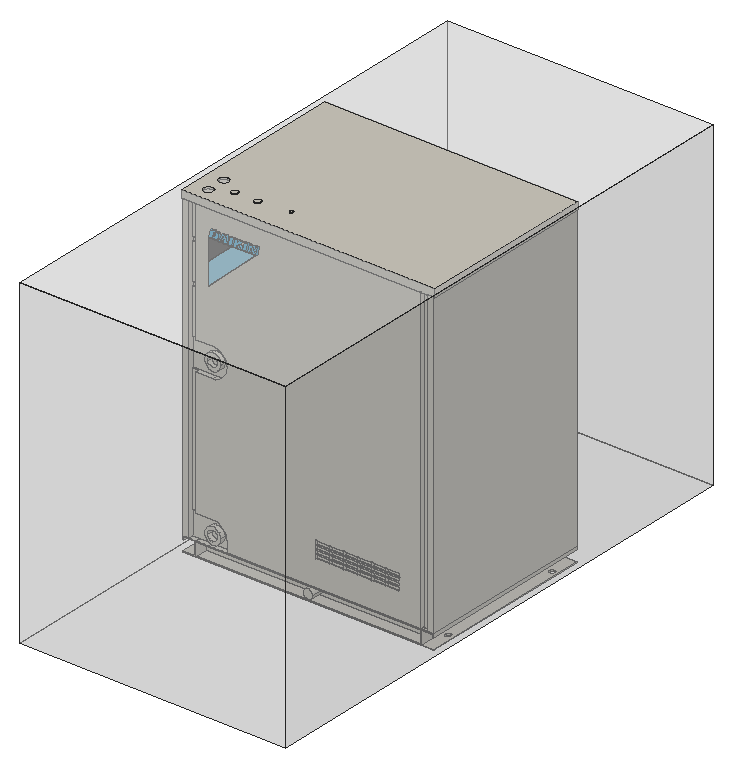
Revit family "outputfile", category 機械設備, Revit 2024
Family settings
  丸型コネクタ寸法 = 半径を使用
  種別 = なし
  パーツ タイプ = 標準
  OmniClass 番号 = 23.75.10.24.21.27.27
  OmniClass タイトル = Split System Air Conditioning Units
  作業面ベース = いいえ
  常に垂直 = はい
  ロード時にボイドで切り取り = いいえ
  注釈の向きを維持 = いいえ
  共有 = いいえ
  部屋計算ポイント = いいえ
Parameters (values of type "RWEYQ6TY1S")
  製造元 = "Daikin"
  書き出し IFC クラス(タイプ) = "IfcUnitaryEquipmentType"
  定義済み IFC タイプ(タイプ) = "AIRCONDITIONINGUNIT"
  モデル = "RWEYQ6TY1S"
  switch_unit1_6-8 = yes
  switch_unit1_12 = no
  switch_unit1_10 = no
  r_Water Outlet Pipe Connection_unit = Water Outlet Pipe Connection_Unit1 / 2  # 15.9 mm
  r_Water Inlet Pipe Connection_unit = Water Inlet Pipe Connection_Unit1 / 2  # 15.9 mm
  r_Drain Pipe Size = Drain Pipe Size / 2  # 6.35 mm
  lw_Water Outlet = 95.0 mm
  lw_Water Inlet = 95.0 mm
  lw_Drain = 390.0 mm
  angle_Drain [instance] = if(Rear Connection_Drain, 180.00°, 0.00°)  # 0.00°
  r_HP/LP Gas Pipe Size [instance] = [HP/LP Gas Pipe Size_Unit 1] / 2  # 9.55 mm
  lw_HP/LP Gas Pipe [instance] = if(Heat Pump, 178.0 mm, 107.0 mm)  # 178.0 mm
  ld_HP/LP Gas Pipe = 69.0 mm
  h_mountinghole = [h_***] + 2.3 mm  # 2.3 mm
  r_Liquid Pipe Size = Liquid Pipe Size_Unit 1 / 2  # 4.75 mm
  r_Gas Pipe Size = Gas Pipe Size_Unit 1 / 2  # 9.55 mm
  Water Outlet Pipe Connection_Unit1 = 31.8 mm
  Water Inlet Pipe Connection_Unit1 = 31.8 mm
  Voltage_comment_50Hz = "380-415"
  Voltage_50Hz = 400 V
  Top Connection_powersupply2 [instance] = not(Top Connection_powersupply1)  # no
  Sound Power Level (dB) = 64
  Rear Connection_Drain [instance] = not(Front Connection_Drain)  # no
  Power Input (Heating) = 2.690 kW
  Phase_50Hz = 3
  Nominal Heating Capacity = 18.000 kW
  Minimum Circuit Amps_50Hz = 13.6 A
  Maximum Fuse Amps_50Hz = 15.0 A
  Material_Heat Exchanger = DAIKIN_Blue_HE_outdoorunit
  Material_Casing = DAIKIN_IvoryWhite_Casing_outdoorunit
  lw_powersupply = 51.0 mm
  lw_liquidpipe = 274.0 mm
  lw_gaspipe [instance] = if(Heat Pump, 107.0 mm, 178.0 mm)  # 107.0 mm
  lh_powersupply = 940.0 mm
  ld_powersupply [instance] = if(Top Connection_powersupply1, 38.0 mm, 98.0 mm)  # 38.0 mm
  ld_liquidpipe = 79.0 mm
  ld_gaspipe = 69.0 mm
  h_*** = 0.0 mm
  Width = 780.0 mm
  Version = "ver.1.0"
  Unit Type = ""
  Unit Mass Weight = 146.00 kg
  Unit Designation [instance] = ""
  Uniclass2015Version = "Products v1.30"
  Uniclass2015Title = "Variable refrigerant flow units"
  Uniclass2015Code = "Pr_70_65_03_94"
  Total Cooling Capacity [instance] = 0.000 kW
  Sound Pressure Level (dBA) = 49
  Series = "VRV Heat Recovery"
  Refrigerant_Base Charge = 3.500 kg
  Refrigerant_Additional Charge [instance] = 0.000 kg
  Refrigerant Type = "R410A"
  Power Input (Cooling) = 2.580 kW
  Option Accessory 3 [instance] = ""
  Option Accessory 2 [instance] = ""
  Option Accessory 1 [instance] = ""
  Nominal Cooling Capacity = 16.000 kW
  Load Classification = HVAC
  Liquid Pipe Size_Unit 1 = 9.5 mm
  Link_Nested Family [instance] = ""
  IfcVersion = ""
  IfcExportType = "AIRCONDITIONINGUNIT"
  IfcExportAs = "IfcUnitaryEquipmentType"
  Height = 1000.0 mm
  Heat Recovery [instance] = not(Heat Pump)  # no
  Heat Pump [instance] = yes
  Heat Exchanger Type = "Stainless Steel Plate"
  HP/LP Gas Pipe Size_Unit 1 [instance] = if(and(Heat Pump, [switch_unit1_6-8]), 19.1 mm, if(and(Heat Pump, switch_unit1_10), 22.2 mm, if(and(Heat Pump, switch_unit1_12), 22.2 mm, if(and(Heat Recovery, [switch_unit1_6-8]), 15.9 mm, if(and(Heat Recovery, switch_unit1_10), 19.1 mm, if(and(Heat Recovery, switch_unit1_12), 19.1 mm, 19.1 mm))))))  # 19.1 mm
  Gas Pipe Size_Unit 1 = 19.1 mm
  Top Connection_powersupply1 [instance] = yes
  Front Connection_Drain [instance] = yes
  Frequency_50Hz = 50 Hz
  Drain Pipe Size = 12.7 mm
  Depth = 550.0 mm
  既定の高さ = 0.0 mm
  Cooling Ambient Wet Bulb Temperature [instance] = 0.00 °C
  Cooling Ambient Dry Bulb Temperature [instance] = 0.00 °C
  Compressor Type = "Hermetically Sealed Scroll Type"
  Clearance visibility [instance] = yes
  Clearance Top = 0.0 mm
  Clearance Right = 20.0 mm
  Clearance Rear = 500.0 mm
  Clearance Left = 20.0 mm
  Clearance Front = 600.0 mm
  Clearance Bottom = 0.0 mm
  CU Tag No. [instance] = ""
Reference planes
  plane 1 "Center (Front/Back)": y = 0
  plane 2 "h_***": z = 0
  plane 3 "Center (Left/Right)": x = 0
  plane 4 "Back": y = 275
  plane 5 "Front": y = -275
  plane 6 "Left": x = -390
  plane 7 "Right": x = 390
  plane 8 "Top": z = 1000
  plane 9 "Clearance Rear": y = 775
  plane 10 "Clearance Front": y = -875
  plane 11 "Clearance Left": x = -410
  plane 12 "Clearance Right": x = 410
  plane 13 "Clearance Top": z = 1000
  plane 14 "Clearance Bottom": z = 0
  plane 15 "Bottom": z = 0
  plane 16 "lw_powersupply": x = -339
  plane 17 "ld_powersupply": y = -237
  plane 18 "lw_liquidpipe": x = -116
  plane 19 "Rear Connection_refrigetant": y = -196
  plane 20 "lw_gaspipe": x = -283
  plane 21 "ld_gaspipe": y = -206
  plane 22 "lh_logo": z = 900
  plane 23 "lw_logo": x = 100
  plane 24 "lh_powersupply": z = 940
  plane 25 "lw_HP/LP Gas Pipe": x = -212
  plane 26 "ld_HP/LP Gas Pipe": y = -206
  plane 27 "lw_Water Inlet": x = -295
  plane 28 "lw_Water Outlet": x = -295
  plane 29 "lw_Drain": x = 0
Dimensions and locks
  equal spacing: plane 4 "Back", plane 1 "Center (Front/Back)", plane 5 "Front"
  "Depth": plane 4 "Back" to plane 5 "Front"
  equal spacing: plane 6 "Left", plane 3 "Center (Left/Right)", plane 7 "Right"
  "Width": plane 6 "Left" to plane 7 "Right"
  "Clearance Rear": plane 9 "Clearance Rear" to plane 4 "Back"
  "Clearance Front": plane 10 "Clearance Front" to plane 5 "Front"
  "Clearance Left": plane 11 "Clearance Left" to plane 6 "Left"
  "Clearance Right": plane 7 "Right" to plane 12 "Clearance Right"
  "Clearance Top": plane 13 "Clearance Top" to plane 8 "Top"
  "h_***": plane 15 "Bottom" to plane 2 "h_***"
  "Height": plane 8 "Top" to plane 15 "Bottom"
  "Clearance Bottom": plane 15 "Bottom" to plane 14 "Clearance Bottom"
  "ld_powersupply": plane 17 "ld_powersupply" to plane 5 "Front"
  "ld_liquidpipe": plane 19 "Rear Connection_refrigetant" to plane 5 "Front"
  "ld_gaspipe": plane 21 "ld_gaspipe" to plane 5 "Front"
  locked: plane 23 "lw_logo" to plane 7 "Right" at 290
  locked: plane 22 "lh_logo" to plane 15 "Bottom" at 900
  "lw_gaspipe": plane 6 "Left" to plane 20 "lw_gaspipe"
  "lw_liquidpipe": plane 6 "Left" to plane 18 "lw_liquidpipe"
  "lw_powersupply": plane 6 "Left" to plane 16 "lw_powersupply"
  "lh_powersupply": plane 24 "lh_powersupply" to plane 15 "Bottom"
  "lw_HP/LP Gas Pipe": plane 6 "Left" to plane 25 "lw_HP/LP Gas Pipe"
  "ld_HP/LP Gas Pipe": plane 26 "ld_HP/LP Gas Pipe" to plane 5 "Front"
  "lw_Water Inlet": plane 6 "Left" to plane 27 "lw_Water Inlet"
  "lw_Water Outlet": plane 6 "Left" to plane 28 "lw_Water Outlet"
  "lw_Drain": plane 6 "Left" to plane 29 "lw_Drain"
  aligned and locked: level to plane 2 "h_***"
  aligned and locked: plane 9 "Clearance Rear" to nested 2
  aligned and locked: nested 2 to plane 10 "Clearance Front"
  aligned and locked: plane 11 "Clearance Left" to nested 2
  aligned and locked: plane 12 "Clearance Right" to nested 2
  aligned and locked: plane 13 "Clearance Top" to nested 2
  aligned and locked: plane 14 "Clearance Bottom" to nested 2
  aligned and locked: plane 8 "Top" to nested 1
  aligned and locked: plane 22 "lh_logo" to nested 7
  aligned and locked: nested 8 to plane 16 "lw_powersupply"
  aligned and locked: nested 9 to plane 20 "lw_gaspipe"
  aligned and locked: nested 10 to plane 18 "lw_liquidpipe"
  aligned and locked: nested 10 to plane 19 "Rear Connection_refrigetant"
  aligned and locked: nested 9 to plane 21 "ld_gaspipe"
  aligned and locked: nested 8 to plane 17 "ld_powersupply"
  aligned and locked: plane 5 "Front" to nested 7
  aligned and locked: plane 24 "lh_powersupply" to nested 8
  aligned and locked: plane 1 "Center (Front/Back)" to nested 11
  aligned and locked: plane 1 "Center (Front/Back)" to nested 12
  aligned and locked: plane 1 "Center (Front/Back)" to nested 13
  aligned and locked: plane 27 "lw_Water Inlet" to nested 11
  aligned and locked: plane 28 "lw_Water Outlet" to nested 12
  aligned and locked: plane 29 "lw_Drain" to nested 13
  aligned and locked: plane 25 "lw_HP/LP Gas Pipe" to nested 14
  aligned and locked: nested 14 to plane 26 "ld_HP/LP Gas Pipe"
Nested families
  nested 1: "DAIKIN_outdoorunit_RWEYQ-TY1S" at (-31, 0, 0), h_*** <- "h_***", Link_Nest <- "Link_Nested Family", h_mountinghole <- "h_mountinghole", Width <- "Width", type "RWEYQ-TY1S"
    with show_fixedhole yes, h_mountinghole 2.3 mm, h_antenna_mountinghole 998.7 mm, h_*** 0.0 mm, array_bolt 5, Width 780.0 mm, Link_Nest "", Heat Recovery no, Heat Pump yes, HP/LP Pipe Size_Unit 1_L 178.0 mm, HP/LP Pipe Size_Unit 1 19.1 mm, Gas Pipe Size_Unit 1_L 107.0 mm
  nested 2: "daikin_clearancespace" at (0, -50, 500.119), visible <- "Clearance visibility", show <- "Clearance visibility", Link_Nested Family <- "Link_Nested Family", type "daikin_clearancespace"
    with width 820.0 mm, show yes, height 1000.0 mm, depth 1650.0 mm, Link_Nested Family ""
  nested 3: "daikin_mountinghole" at (-372, 200, 0), type "daikin_mountinghole"
    with show yes, l_antenna 998.7 mm, h_mountinghole 2.3 mm, Link_Nested Family ""
  nested 4: "daikin_mountinghole" at (372, 200, 0), type "daikin_mountinghole"
    with show yes, l_antenna 998.7 mm, h_mountinghole 2.3 mm, Link_Nested Family ""
  nested 5: "daikin_mountinghole" at (-372, -200, 0), type "daikin_mountinghole"
    with show yes, l_antenna 998.7 mm, h_mountinghole 2.3 mm, Link_Nested Family ""
  nested 6: "daikin_mountinghole" at (372, -200, 0), type "daikin_mountinghole"
    with show yes, l_antenna 998.7 mm, h_mountinghole 2.3 mm, Link_Nested Family ""
  nested 7: "daikin_logo_elevation_w150" at (-212.5, -275, 744.568), type "daikin_logo_elevation_w150"
    with show_logo yes
  nested 8: "daikin_connector_rotate3" at (-339, -237, 940) x (-1, 0, 0) z (0, 0, -1), type "daikin_connector_rotate3"
    with show no, radius 10.0 mm, length 60.0 mm, angle_vertical 0.00°, angle_horizontal 0.00°
  nested 9: "daikin_connector_rotate3" at (-283, -206, 940) x (-1, 0, 0) z (0, 0, -1), radius <- "r_Gas Pipe Size", type "daikin_connector_rotate3"
    with show no, radius 9.55 mm, length 60.0 mm, angle_vertical 0.00°, angle_horizontal 0.00°
  nested 10: "daikin_connector_rotate3" at (-116, -196, 940) x (-1, 0, 0) z (0, 0, -1), radius <- "r_Liquid Pipe Size", type "daikin_connector_rotate3"
    with show no, radius 4.75 mm, length 60.0 mm, angle_vertical 0.00°, angle_horizontal 0.00°
  nested 11: "daikin_connector_rotate3" at (-295, 0, 76), radius <- "r_Water Inlet Pipe Connection_unit", type "daikin_connector_rotate3"
    with show no, radius 15.9 mm, length 275.0 mm, angle_vertical 90.00°, angle_horizontal 0.00°
  nested 12: "daikin_connector_rotate3" at (-295, 0, 556), radius <- "r_Water Outlet Pipe Connection_unit", type "daikin_connector_rotate3"
    with show no, radius 15.9 mm, length 275.0 mm, angle_vertical 90.00°, angle_horizontal 0.00°
  nested 13: "daikin_connector_rotate3" at (0, 0, 19), angle_horizontal <- "angle_Drain", radius <- "r_Drain Pipe Size", type "daikin_connector_rotate3"
    with show no, radius 6.35 mm, length 275.0 mm, angle_vertical 90.00°, angle_horizontal 0.00°
  nested 14: "daikin_connector_rotate3" at (-212, -206, 940) x (1, 0, 0) z (0, 0, -1), radius <- "r_HP/LP Gas Pipe Size", type "daikin_connector_rotate3"
    with show no, radius 9.55 mm, length 60.0 mm, angle_vertical 0.00°, angle_horizontal 0.00°
Connectors
  piping at (-116, -196, 1000), diameter 9.5, driven by "r_Liquid Pipe Size"
    settings: on nested 10, index 12, connector inside diameter 609.6 mm, connector length 0.0 mm, flow factor 0, pipe flow 0.00 m³/h, pressure drop 0.0 Pa, fitting loss kfactor 0, connector angle 0.00°, fixture units 0, engagement length 0.0 mm, angle of deflection 0.00°, flow configuration 0, flow direction 2, fitting loss method 0, system type 29, joint type 0, gender type 0, connector reference index -1, connector utility 0, adjustable connector no, is connector primary no, connector description "Refrigerant Liquid Piping"
  electrical at (-339, -237, 1000), driven by "Load Classification"
    settings: on nested 8, index 13, voltage 0 V, apparent load 0 VA, apparent load phase1 0 VA, apparent load phase2 0 VA, apparent load phase3 0 VA, power factor 1, load classification "HVAC", number of poles 1, system type 30, power factor state 1, is connector primary yes, connector utility no, sub classification motor no, connector description "Power Supply"
  piping at (-295, -275, 556), diameter 31.8, driven by "r_Water Outlet Pipe Connection_unit"
    settings: on nested 12, index 15, connector inside diameter 609.6 mm, connector length 0.0 mm, flow factor 0, pipe flow 0.00 m³/h, pressure drop 0.0 Pa, fitting loss kfactor 0, connector angle 0.00°, fixture units 0, engagement length 0.0 mm, angle of deflection 0.00°, flow configuration 1, flow direction 2, fitting loss method 0, system type 8, joint type 0, gender type 0, connector reference index -1, connector utility 0, adjustable connector no, is connector primary no, connector description "Cooling Water Outlet Piping"
  piping at (-295, -275, 76), diameter 31.8, driven by "r_Water Inlet Pipe Connection_unit"
    settings: on nested 11, index 16, connector inside diameter 609.6 mm, connector length 0.0 mm, flow factor 0, pipe flow 0.00 m³/h, pressure drop 0.0 Pa, fitting loss kfactor 0, connector angle 0.00°, fixture units 0, engagement length 0.0 mm, angle of deflection 0.00°, flow configuration 1, flow direction 1, fitting loss method 0, system type 7, joint type 0, gender type 0, connector reference index -1, connector utility 0, adjustable connector no, is connector primary no, connector description "Cooling Water Inlet  Piping"
  piping at (0, -275, 19), diameter 12.7, driven by "r_Drain Pipe Size"
    settings: on nested 13, index 17, connector inside diameter 609.6 mm, connector length 0.0 mm, flow factor 0, pipe flow 0.00 m³/h, pressure drop 0.0 Pa, fitting loss kfactor 0, connector angle 0.00°, fixture units 0, engagement length 0.0 mm, angle of deflection 0.00°, flow configuration 1, flow direction 2, fitting loss method 4, system type 16, joint type 0, gender type 0, connector reference index -1, connector utility 0, adjustable connector no, is connector primary no, connector description "Condensate Drain Piping"
  piping at (-212, -206, 1000), diameter 19.1, driven by "r_HP/LP Gas Pipe Size"
    settings: on nested 14, index 19, connector inside diameter 609.6 mm, connector length 0.0 mm, flow factor 0, pipe flow 0.00 m³/h, pressure drop 0.0 Pa, fitting loss kfactor 0, connector angle 0.00°, fixture units 0, engagement length 0.0 mm, angle of deflection 0.00°, flow configuration 0, flow direction 0, fitting loss method 0, system type 29, joint type 0, gender type 0, connector reference index -1, connector utility 0, adjustable connector no, is connector primary no, connector description "Refrigerant HP/LP Gas Piping"
  piping at (-283, -206, 1000), diameter 19.1, driven by "r_Gas Pipe Size"
    settings: on nested 9, index 20, connector inside diameter 609.6 mm, connector length 0.0 mm, flow factor 0, pipe flow 0.00 m³/h, pressure drop 0.0 Pa, fitting loss kfactor 0, connector angle 0.00°, fixture units 0, engagement length 0.0 mm, angle of deflection 0.00°, flow configuration 0, flow direction 1, fitting loss method 0, system type 29, joint type 0, gender type 0, connector reference index -1, connector utility 0, adjustable connector no, is connector primary yes, connector description "Refrigerant Gas Piping"
Definition of nested family "DAIKIN_outdoorunit_RWEYQ-TY1S"
  Parameters (values of type "RWEYQ-TY1S")
    w_wiremesh_right = 668.0 mm  # constant formula
    w_wiremesh_left = 590.0 mm  # constant formula
    w_wiremesh_front = 248.0 mm  # constant formula
    switch_unit1_6-8 = yes
    switch_unit1_12 = no
    switch_unit1_10 = no
    show_fixedhole [instance] = yes
    material_heatexchanger = none
    material_casing = none
    ld_hole1_bottom = 154.0 mm  # constant formula
    h_wiremesh = 900.0 mm  # constant formula
    h_mountinghole [instance] = 2.3 mm
    h_antenna_mountinghole [instance] = Height + 1.0 mm - 2.3 mm  # 998.7 mm
    h_*** [instance] = 0.0 mm
    array_bolt [instance] = 5
    Width [instance] = 780.0 mm
    Liquid Pipe Size_Unit 1 = if([switch_unit1_6-8], 9.5 mm, if(switch_unit1_10, 9.5 mm, if(switch_unit1_12, 12.7 mm, 9.5 mm)))  # 9.5 mm
    Link_Nest [instance] = ""
    Height = 1000.0 mm
    Heat Recovery = not(Heat Pump)  # yes
    Heat Pump = no
    HP/LP Pipe Size_Unit 1_L = if(Heat Pump, 178.0 mm, 107.0 mm)  # 107.0 mm
    HP/LP Pipe Size_Unit 1 = if(Heat Recovery, if([switch_unit1_6-8], 15.9 mm, if(switch_unit1_10, 19.1 mm, if(switch_unit1_12, 19.1 mm, 15.9 mm))), if([switch_unit1_6-8], 19.1 mm, if(switch_unit1_10, 22.2 mm, if(switch_unit1_12, 22.2 mm, 19.1 mm))))  # 15.9 mm
    Gas Pipe Size_Unit 1_L = if(Heat Pump, 107.0 mm, 178.0 mm)  # 178.0 mm
    Gas Pipe Size_Unit 1_H = 60.0 mm  # constant formula
    Gas Pipe Size_Unit 1 = if([switch_unit1_6-8], 19.1 mm, if(switch_unit1_10, 22.2 mm, if(switch_unit1_12, 22.2 mm, 19.1 mm)))  # 19.1 mm
    Depth = 550.0 mm
    Default Elevation = 0.0 mm
  Reference planes
    plane 1 "Center (Front/Back)": y = 0
    plane 2 "reference_level": z = 0
    plane 3 "Center (Left/Right)": x = 31
    plane 4 "Bottom": z = 0
    plane 5: x = 421
    plane 6: x = -359
    plane 7 "Back": y = 275
    plane 8 "Front": y = -275
    plane 9: z = 1000
    plane 10: z = 976
    plane 11: y = -255
    plane 12: y = 255
    plane 13: x = -337
    plane 14: x = 399
    plane 15: x = -341
    plane 16: z = 45
    plane 17: x = 403
    plane 18: y = 200
    plane 19: y = -200
    plane 20: z = 1060
    plane 21: z = 19
    plane 22: z = 1000
    plane 23: z = 940
  Forms (mm)
    Extrusion 1, solid, material <- "material_heatexchanger"
      sketch origin (0, 0, 0) x (1, 0, 0) y (0, 1, 0)
        loop
          line (-337, 255) -> (-337, -255) -> (399, -255) -> (399, 255) -> (-337, 255)
      from 54 to 976
    Extrusion 2, void
      sketch origin (0, 350, 0) x (1, 0, 0) y (0, 1, 0)
        loop
          circle (-341, -150) r 8.5
        loop
          circle (403, -150) r 8.5
        loop
          circle (403, -550) r 8.5
        loop
          circle (-341, -550) r 8.5
      from 0 to 29.064
    Extrusion 3, solid, material <- "material_casing"
      sketch origin (620, -305, 0) x (-1, 0, 0) y (0, 0, 1)
        loop
          line (204.3, 35.061) -> (204.3, 42.7) -> (239.7, 42.7) -> (239.7, 2.3) -> (201, 2.3) -> (201, 0) -> (242, 0) -> (242, 45) -> (201, 45) -> (201, 35.061) -> (204.3, 35.061)
        loop
          line (973.7, 35.061) -> (977, 35.061) -> (977, 45) -> (936, 45) -> (936, 0) -> (977, 0) -> (977, 2.3) -> (938.3, 2.3) -> (938.3, 42.7) -> (973.7, 42.7) -> (973.7, 35.061)
      from 30 to 580
    Extrusion 4, solid, material <- "material_casing"
      sketch origin (31, 0, 0) x (0, 1, 0) y (0, 0, 1)
        loop
          line (-275, 45) -> (-275, 42.7) -> (-236.3, 42.7) -> (-236.3, 2.3) -> (-275, 2.3) -> (-275, 0) -> (-234, 0) -> (-234, 45) -> (-275, 45)
        loop
          line (275, 45) -> (234, 45) -> (234, 0) -> (275, 0) -> (275, 2.3) -> (236.3, 2.3) -> (236.3, 42.7) -> (275, 42.7) -> (275, 45)
      from -347 to 347
    Extrusion 5, solid, material <- "material_casing"
      sketch origin (0, 0, 0) x (1, 0, 0) y (0, 1, 0)
        loop
          circle (-85, -196) r 4.75
        loop
          circle (-252, -206) r 7.95
      from 940 to 1000
    Extrusion 6, solid, material <- "material_casing"
      sketch origin (-663.497, -190, 1200) x (-1, 0, 0) y (0, 0, 1)
        loop
          circle (-694.497, -1181) r 14
      from -85 to -46.3
    Extrusion 7, solid, material <- "material_casing"
      sketch origin (-663.497, 321.3, 1200) x (-1, 0, 0) y (0, 0, 1)
        loop
          circle (-694.497, -1181) r 14
      from -85 to -46.3
    Extrusion 8, solid, material <- "material_casing"
      sketch origin (0, -500, 0) x (1, 0, 0) y (0, 1, 0)
        loop
          circle (-181, 294) r 9.55
      from 940 to 1000
  Cuts and joins
    Extrusion 2 cuts Extrusion 3
  Dimensions and locks
    equal spacing: plane 6, plane 3 "Center (Left/Right)", plane 5
    "Width": plane 6 to plane 5
    locked: plane 9 to plane 10 at 24
    "Depth": plane 8 "Front" to plane 7 "Back"
    equal spacing: plane 7 "Back", plane 1 "Center (Front/Back)", plane 8 "Front"
    locked: plane 12 to plane 7 "Back" at 20
    locked: plane 11 to plane 8 "Front" at 20
    locked: plane 6 to plane 13 at 22
    locked: plane 14 to plane 5 at 22
    locked: plane 6 to plane 15 at 18
    "h_***": plane 4 "Bottom" to plane 2 "reference_level"
    locked: plane 16 to plane 4 "Bottom" at 45
    "Height": plane 9 to plane 4 "Bottom"
    locked: plane 5 to Extrusion 3 sketch curve at 2  (x2)
    locked: Extrusion 3 sketch curve to Extrusion 3 sketch curve at 41  (x2)
    locked: Extrusion 3 sketch curve to Extrusion 3 sketch curve at 3.3  (x2)
    locked: Extrusion 3 sketch curve to plane 6 at 2  (x2)
    locked: plane 8 "Front" to Extrusion 4 sketch curve at 41
    locked: Extrusion 4 sketch curve to plane 7 "Back" at 41
    locked: plane 17 to plane 5 at 18
    plane 19 to plane 8 "Front" = 75.0 mm
    locked: plane 18 to plane 7 "Back" at 75
    locked: Extrusion 5 sketch curve to plane 8 "Front" at 79
    locked: plane 6 to Extrusion 5 sketch curve at 274
    "HP/LP Pipe Size_Unit 1_L": plane 6 to Extrusion 5 sketch curve
    locked: Extrusion 5 sketch curve to plane 8 "Front" at 69
    locked: plane 20 to plane 9 at 60
    locked: plane 21 to plane 4 "Bottom" at 19
    locked: Extrusion 8 sketch curve to plane 8 "Front" at 69
    "Gas Pipe Size_Unit 1_L": plane 6 to Extrusion 8 sketch curve
    locked: plane 22 to plane 23 at 60
    "Gas Pipe Size_Unit 1_H": plane 20 to plane 22
    "HP/LP Pipe Size_Unit 1": diameter of Extrusion 5 sketch curve
    "Liquid Pipe Size_Unit 1": diameter of Extrusion 5 sketch curve
    "Gas Pipe Size_Unit 1": diameter of Extrusion 8 sketch curve
    aligned and locked: level to plane 2 "reference_level"
    aligned and locked: plane 12 to Extrusion 1 sketch curve
    aligned and locked: plane 11 to Extrusion 1 sketch curve
    aligned and locked: plane 13 to Extrusion 1 sketch curve
    aligned and locked: plane 14 to Extrusion 1 sketch curve
    aligned and locked: plane 10 to Extrusion 1
    aligned and locked: plane 11 to nested 1
    aligned and locked: plane 10 to nested 4
    aligned and locked: nested 5 to plane 9
    aligned and locked: plane 10 to nested 3
    aligned and locked: plane 10 to nested 2
    aligned and locked: plane 13 to nested 4
    aligned and locked: plane 14 to nested 2
    aligned and locked: plane 12 to nested 3
    aligned and locked: plane 15 to nested 7
    aligned and locked: plane 15 to nested 9
    aligned and locked: plane 8 "Front" to nested 5
    aligned and locked: plane 6 to nested 5
    aligned and locked: plane 10 to nested 1
    aligned and locked: plane 13 to nested 1
    aligned and locked: nested 2 to plane 1 "Center (Front/Back)"
    aligned and locked: nested 3 to plane 3 "Center (Left/Right)"
    aligned and locked: plane 1 "Center (Front/Back)" to nested 4
    aligned and locked: nested 6 to plane 3 "Center (Left/Right)"
    aligned and locked: plane 1 "Center (Front/Back)" to nested 6
    aligned and locked: plane 16 to Extrusion 3 sketch curve
    aligned and locked: Extrusion 3 sketch curve to plane 4 "Bottom"
    aligned and locked: Extrusion 3 sketch curve to plane 16
    aligned and locked: plane 4 "Bottom" to Extrusion 3 sketch curve
    aligned and locked: Extrusion 3 to plane 7 "Back"
    aligned and locked: Extrusion 3 to plane 8 "Front"
    aligned and locked: plane 8 "Front" to Extrusion 4 sketch curve  (x2)
    aligned and locked: plane 4 "Bottom" to Extrusion 4 sketch curve
    aligned and locked: Extrusion 4 sketch curve to plane 16
    aligned and locked: Extrusion 4 sketch curve to plane 7 "Back"  (x2)
    aligned and locked: plane 18 to Extrusion 2 sketch curve  (x2)
    aligned and locked: plane 15 to Extrusion 2 sketch curve  (x2)
    aligned and locked: plane 17 to Extrusion 2 sketch curve  (x2)
    aligned and locked: plane 17 to nested 8
    aligned and locked: plane 18 to nested 8
    aligned and locked: plane 18 to nested 7
    aligned and locked: nested 7 to plane 15
    aligned and locked: nested 9 to plane 19
    aligned and locked: nested 9 to plane 15
    aligned and locked: nested 10 to plane 19
    aligned and locked: plane 17 to nested 10
    aligned and locked: plane 19 to Extrusion 2 sketch curve  (x2)
    aligned and locked: plane 3 "Center (Left/Right)" to Extrusion 6 sketch curve
    aligned and locked: plane 21 to Extrusion 6 sketch curve
    aligned and locked: plane 22 to Extrusion 8
    aligned and locked: Extrusion 8 to plane 23
    aligned and locked: Extrusion 5 to plane 23
    aligned and locked: Extrusion 5 to plane 22
  Automatic sketch dimensions
    Extrusion 3 sketch curve to Extrusion 3 sketch curve = 2.3 mm  (x2)
    level to Extrusion 3 sketch curve = 2.3 mm  (x2)
    Extrusion 3 sketch curve to plane 16 = 9.939 mm  (x2)
    Extrusion 3 sketch curve to plane 16 = 2.3 mm  (x2)
    Extrusion 4 sketch curve to level = 0.0 mm
    Extrusion 4 sketch curve to plane 16 = 0.0 mm
    Extrusion 4 sketch curve to Extrusion 4 sketch curve = 2.3 mm  (x2)
    level to Extrusion 4 sketch curve = 2.3 mm  (x2)
    Extrusion 4 sketch curve to plane 16 = 2.3 mm  (x2)
    Extrusion 7 sketch curve to plane 3 "Center (Left/Right)" = 0.0 mm
    Extrusion 7 sketch curve to plane 21 = 0.0 mm
    radius of Extrusion 2 sketch curve = 8.5 mm  (x4)
    radius of Extrusion 6 sketch curve = 14.0 mm
    radius of Extrusion 7 sketch curve = 14.0 mm
  Nested families
    nested 1: "outdoorunit_frontpanel" at (-337, -265, 45), material <- "material_casing", type "frontpanel1"
      with material none
    nested 2: "outdoorunit_rightpanel1" at (409, -275, 45) x (0, 1, 0) z (0, 0, 1), material <- "material_casing", type "frontpanel1"
      with material none
    nested 3: "outdoorunit_backpanel" at (399, 265, 45) x (-1, 0, 0) z (0, 0, 1), material <- "material_casing", type "frontpanel1"
      with material none
    nested 4: "outdoorunit_leftpanel" at (-347, 275, 45) x (0, -1, 0) z (0, 0, 1), material <- "material_casing", type "frontpanel1"
      with material none
    nested 5: "outdoorunit_uppanel" at (-359, -275, 988) x (1, 0, 0) z (0, 1, 0), material <- "material_casing", type "frontpanel1"
      with material none
    nested 6: "outdoorunit_downpanel" at (399, 255, 56) x (-1, 0, 0) z (0, -1, 0), material <- "material_casing", type "frontpanel1"
      with material none
    nested 7: "daikin_mountinghole" at (-341, 200, 0), visible <- "show_fixedhole", Link_Nested Family <- "Link_Nest", l_antenna <- "h_antenna_mountinghole", h_mountinghole <- "h_mountinghole", type "daikin_mountinghole"
      with show yes, l_antenna 998.7 mm, h_mountinghole 2.3 mm, Link_Nested Family ""
    nested 8: "daikin_mountinghole" at (403, 200, 0), visible <- "show_fixedhole", Link_Nested Family <- "Link_Nest", l_antenna <- "h_antenna_mountinghole", h_mountinghole <- "h_mountinghole", type "daikin_mountinghole"
      with show yes, l_antenna 998.7 mm, h_mountinghole 2.3 mm, Link_Nested Family ""
    nested 9: "daikin_mountinghole" at (-341, -200, 0), visible <- "show_fixedhole", Link_Nested Family <- "Link_Nest", l_antenna <- "h_antenna_mountinghole", h_mountinghole <- "h_mountinghole", type "daikin_mountinghole"
      with show yes, l_antenna 998.7 mm, h_mountinghole 2.3 mm, Link_Nested Family ""
    nested 10: "daikin_mountinghole" at (403, -200, 0), visible <- "show_fixedhole", Link_Nested Family <- "Link_Nest", l_antenna <- "h_antenna_mountinghole", h_mountinghole <- "h_mountinghole", type "daikin_mountinghole"
      with show yes, l_antenna 998.7 mm, h_mountinghole 2.3 mm, Link_Nested Family ""
  Definition of nested family "outdoorunit_frontpanel"
    Parameters (values of type "frontpanel1")
      width = 736.0 mm
      material [instance] = none
      height1 = 931.0 mm
      depth = 20.0 mm
      Default Elevation = 0.0 mm
    Reference planes
      plane 1 "Center (Front/Back)": y = 0
      plane 2 "Bottom": z = 0
      plane 3: x = 0
      plane 4 "Back": y = 10
      plane 5 "Front": y = -10
      plane 6: x = 736
      plane 7 "Top": z = 931
      plane 8 "Left": x = 0
      plane 9 "Center L/S": y = 5
      plane 10 "Center L/T": y = -5
    Forms (mm)
      Extrusion 1, solid, material <- "material"
        sketch origin (0, 0, 0) x (1, 0, 0) y (0, 1, 0)
          loop
            line (0, 10) -> (0, -10) -> (736, -10) -> (736, 10) -> (0, 10)
        from 0 to 931
      Extrusion 2, void
        sketch origin (0, 0, 0) x (1, 0, 0) y (0, 0, 1)
          loop
            line (0, 931) -> (0, 0) -> (21, 0) -> (21, 931) -> (0, 931)
          loop
            line (736, 931) -> (715, 931) -> (715, 0) -> (736, 0) -> (736, 931)
        from 0 to 250
      Extrusion 3, void
        sketch origin (0, 0, 0) x (1, 0, 0) y (0, 0, 1)
          loop
            line (2, 931) -> (-33, 931) -> (-33, -14) -> (118, -14) -> (118, 31)
            arc (118, 31) -> (104.82, 62.82) -> (73, 76) r 45
            line (73, 76) -> (2, 76) -> (2, 466) -> (73, 466)
            arc (73, 466) -> (118, 511) -> (73, 556) r 45
            line (73, 556) -> (2, 556) -> (2, 692) -> (10.5, 692)
            arc (10.5, 692) -> (18, 699.5) -> (10.5, 707) r 7.5
            line (10.5, 707) -> (2, 707) -> (2, 817) -> (10.5, 817)
            arc (10.5, 817) -> (18, 824.5) -> (10.5, 832) r 7.5
            line (10.5, 832) -> (2, 832) -> (2, 931)
        from -5 to 250
      Extrusion 4, void
        sketch origin (0, 0, 0) x (1, 0, 0) y (0, 0, 1)
          loop
            line (734, 931) -> (734, 0) -> (972.161, 0) -> (972.161, 931) -> (734, 931)
        from -5 to 250
      Extrusion 5, solid, material <- "material"
        sketch origin (0, 0, 0) x (1, 0, 0) y (0, 0, 1)
          loop
            circle (73, 511) r 25
          loop
            circle (73, 511) r 15.5
          loop
            circle (73, 31) r 25
          loop
            circle (73, 31) r 15.5
        from -5 to 10
      Extrusion 6, void
        sketch origin (0, 0, 0) x (1, 0, 0) y (0, 0, 1)
          loop
            line (390.8, 131) -> (390.8, 118.75) -> (433.5, 118.75) -> (433.5, 131) -> (390.8, 131)
          loop
            line (390.8, 80) -> (433.5, 80) -> (433.5, 92.25) -> (390.8, 92.25) -> (390.8, 80)
          loop
            line (390.8, 117.75) -> (390.8, 106) -> (433.5, 106) -> (433.5, 117.75) -> (390.8, 117.75)
          loop
            line (390.8, 105) -> (390.8, 93.25) -> (433.5, 93.25) -> (433.5, 105) -> (390.8, 105)
          loop
            line (476.7, 131) -> (434.5, 131) -> (434.5, 118.75) -> (476.7, 118.75) -> (476.7, 131)
          loop
            line (434.5, 80) -> (476.7, 80) -> (476.7, 92.25) -> (434.5, 92.25) -> (434.5, 80)
          loop
            line (434.5, 117.75) -> (434.5, 106) -> (476.7, 106) -> (476.7, 117.75) -> (434.5, 117.75)
          loop
            line (434.5, 105) -> (434.5, 93.25) -> (476.7, 93.25) -> (476.7, 105) -> (434.5, 105)
          loop
            line (519.9, 131) -> (477.7, 131) -> (477.7, 118.75) -> (519.9, 118.75) -> (519.9, 131)
          loop
            line (477.7, 80) -> (519.9, 80) -> (519.9, 92.25) -> (477.7, 92.25) -> (477.7, 80)
          loop
            line (477.7, 117.75) -> (477.7, 106) -> (519.9, 106) -> (519.9, 117.75) -> (477.7, 117.75)
          loop
            line (477.7, 105) -> (477.7, 93.25) -> (519.9, 93.25) -> (519.9, 105) -> (477.7, 105)
          loop
            line (563.1, 131) -> (520.9, 131) -> (520.9, 118.75) -> (563.1, 118.75) -> (563.1, 131)
          loop
            line (520.9, 80) -> (563.1, 80) -> (563.1, 92.25) -> (520.9, 92.25) -> (520.9, 80)
          loop
            line (520.9, 117.75) -> (520.9, 106) -> (563.1, 106) -> (563.1, 117.75) -> (520.9, 117.75)
          loop
            line (520.9, 105) -> (520.9, 93.25) -> (563.1, 93.25) -> (563.1, 105) -> (520.9, 105)
          loop
            line (606.3, 131) -> (564.1, 131) -> (564.1, 118.75) -> (606.3, 118.75) -> (606.3, 131)
          loop
            line (564.1, 80) -> (606.3, 80) -> (606.3, 92.25) -> (564.1, 92.25) -> (564.1, 80)
          loop
            line (564.1, 117.75) -> (564.1, 106) -> (606.3, 106) -> (606.3, 117.75) -> (564.1, 117.75)
          loop
            line (564.1, 105) -> (564.1, 93.25) -> (606.3, 93.25) -> (606.3, 105) -> (564.1, 105)
          loop
            line (650, 131) -> (607.3, 131) -> (607.3, 118.75) -> (650, 118.75) -> (650, 131)
          loop
            line (607.3, 80) -> (650, 80) -> (650, 92.25) -> (607.3, 92.25) -> (607.3, 80)
          loop
            line (607.3, 117.75) -> (607.3, 106) -> (650, 106) -> (650, 117.75) -> (607.3, 117.75)
          loop
            line (607.3, 105) -> (607.3, 93.25) -> (650, 93.25) -> (650, 105) -> (607.3, 105)
        from 5 to 250
    Cuts and joins
      Extrusion 2, Extrusion 3, Extrusion 4, Extrusion 6 cuts Extrusion 1
    Dimensions and locks
      equal spacing: plane 4 "Back", plane 1 "Center (Front/Back)", plane 5 "Front"
      "depth": plane 4 "Back" to plane 5 "Front"
      "width": plane 8 "Left" to plane 6
      "height1": plane 7 "Top" to plane 2 "Bottom"
      locked: plane 8 "Left" to Extrusion 2 sketch curve at 21
      locked: Extrusion 2 sketch curve to plane 6 at 21
      locked: plane 9 "Center L/S" to plane 1 "Center (Front/Back)" at 5
      locked: Extrusion 3 sketch curve to Extrusion 3 sketch curve at 15  (x2)
      locked: plane 7 "Top" to Extrusion 3 sketch curve at 99
      locked: Extrusion 3 sketch curve to plane 8 "Left" at 10.5
      locked: Extrusion 3 sketch curve to Extrusion 3 sketch curve at 125
      locked: Extrusion 3 sketch curve to Extrusion 3 sketch curve at 90  (x2)
      locked: Extrusion 3 sketch curve to plane 8 "Left" at 73
      locked: Extrusion 3 sketch curve to Extrusion 3 sketch curve at 136
      locked: Extrusion 3 sketch curve to plane 2 "Bottom" at 76
      locked: Extrusion 3 sketch curve to Extrusion 3 sketch curve at 390
      locked: plane 6 to Extrusion 4 sketch curve at 2
      locked: plane 10 "Center L/T" to plane 1 "Center (Front/Back)" at 5
      aligned and locked: level to plane 2 "Bottom"
      aligned and locked: plane 8 "Left" to Extrusion 1 sketch curve
      aligned and locked: Extrusion 1 sketch curve to plane 4 "Back"
      aligned and locked: plane 5 "Front" to Extrusion 1 sketch curve
      aligned and locked: Extrusion 1 to plane 2 "Bottom"
      aligned and locked: plane 7 "Top" to Extrusion 1
      aligned and locked: plane 3 to plane 8 "Left"
      aligned and locked: plane 8 "Left" to Extrusion 2 sketch curve
      aligned and locked: Extrusion 2 sketch curve to plane 7 "Top"
      aligned and locked: plane 2 "Bottom" to Extrusion 2 sketch curve
      aligned and locked: Extrusion 2 sketch curve to plane 2 "Bottom"
      aligned and locked: plane 6 to Extrusion 2 sketch curve
      aligned and locked: plane 7 "Top" to Extrusion 2 sketch curve
      aligned and locked: Extrusion 2 to plane 1 "Center (Front/Back)"
      aligned and locked: plane 9 "Center L/S" to Extrusion 3
      aligned and locked: Extrusion 4 sketch curve to plane 7 "Top"
      aligned and locked: plane 2 "Bottom" to Extrusion 4 sketch curve
      aligned and locked: Extrusion 4 to plane 9 "Center L/S"
      aligned and locked: Extrusion 5 to plane 5 "Front"
      aligned and locked: plane 9 "Center L/S" to Extrusion 5
      aligned and locked: Extrusion 6 to plane 10 "Center L/T"
    Automatic sketch dimensions
      Extrusion 1 sketch curve to plane 6 = 0.0 mm
      Extrusion 3 sketch curve to plane 7 "Top" = 0.0 mm
      plane 3 to Extrusion 3 sketch curve = 2.0 mm  (x4)
      plane 3 to Extrusion 3 sketch curve = 10.5 mm
      Extrusion 3 sketch curve to Extrusion 3 sketch curve = 71.0 mm
      level to Extrusion 3 sketch curve = 31.0 mm
      Extrusion 3 sketch curve to plane 3 = 33.0 mm
      plane 6 to Extrusion 4 sketch curve = 236.161 mm
      Extrusion 5 sketch curve to Extrusion 5 sketch curve = 0.0 mm  (x4)
      plane 3 to Extrusion 5 sketch curve = 73.0 mm  (x2)
      level to Extrusion 5 sketch curve = 31.0 mm
      Extrusion 5 sketch curve to plane 7 "Top" = 420.0 mm
      level to Extrusion 6 sketch curve = 131.0 mm
      Extrusion 6 sketch curve to plane 6 = 345.2 mm
      Extrusion 6 sketch curve to Extrusion 6 sketch curve = 0.0 mm  (x40)
      Extrusion 6 sketch curve to Extrusion 6 sketch curve = 42.7 mm  (x2)
      Extrusion 6 sketch curve to Extrusion 6 sketch curve = 1.0 mm  (x32)
      Extrusion 6 sketch curve to Extrusion 6 sketch curve = 42.2 mm  (x4)
      Extrusion 6 sketch curve to Extrusion 6 sketch curve = 12.25 mm  (x7)
      Extrusion 6 sketch curve to Extrusion 6 sketch curve = 11.75 mm  (x9)
      radius of Extrusion 5 sketch curve = 25.0 mm  (x2)
      radius of Extrusion 5 sketch curve = 15.5 mm  (x2)
  Definition of nested family "outdoorunit_rightpanel1"
    Parameters (values of type "frontpanel1")
      width = 550.0 mm
      material [instance] = none
      height1 = 931.0 mm
      depth = 20.0 mm
      Default Elevation = 0.0 mm
    Reference planes
      plane 1 "Center (Front/Back)": y = 0
      plane 2 "Bottom": z = 0
      plane 3: x = 0
      plane 4 "Back": y = 10
      plane 5 "Front": y = -10
      plane 6: x = 550
      plane 7 "Top": z = 931
      plane 8 "Left": x = 0
      plane 9: y = -8.75
      plane 10: z = 639
      plane 11: y = -5.75
      plane 12: y = -2.551
      plane 13: y = -13
      plane 14: x = 275
    Forms (mm)
      Extrusion 1, solid, material <- "material"
        sketch origin (0, 0, 0) x (1, 0, 0) y (0, 1, 0)
          loop
            line (0, 10) -> (0, -10) -> (550, -10) -> (550, 10) -> (0, 10)
        from 0 to 931
    Dimensions and locks
      equal spacing: plane 4 "Back", plane 1 "Center (Front/Back)", plane 5 "Front"
      "depth": plane 4 "Back" to plane 5 "Front"
      "width": plane 8 "Left" to plane 6
      "height1": plane 7 "Top" to plane 2 "Bottom"
      locked: plane 10 to plane 2 "Bottom" at 639
      locked: plane 12 to plane 11 at 3.199
      plane 5 "Front" to plane 13 = 3.0 mm
      equal spacing: plane 8 "Left", plane 14, plane 6
      aligned and locked: level to plane 2 "Bottom"
      aligned and locked: plane 8 "Left" to Extrusion 1 sketch curve
      aligned and locked: Extrusion 1 sketch curve to plane 4 "Back"
      aligned and locked: plane 5 "Front" to Extrusion 1 sketch curve
      aligned and locked: Extrusion 1 to plane 2 "Bottom"
      aligned and locked: plane 7 "Top" to Extrusion 1
      aligned and locked: plane 3 to plane 8 "Left"
    Automatic sketch dimensions
      Extrusion 1 sketch curve to plane 6 = 0.0 mm
  Definition of nested family "outdoorunit_backpanel"
    Parameters (values of type "frontpanel1")
      width = 736.0 mm
      material [instance] = none
      height1 = 931.0 mm
      depth = 20.0 mm
      Default Elevation = 0.0 mm
    Reference planes
      plane 1 "Center (Front/Back)": y = 0
      plane 2 "Bottom": z = 0
      plane 3: x = 0
      plane 4 "Back": y = 10
      plane 5 "Front": y = -10
      plane 6: x = 736
      plane 7 "Top": z = 931
      plane 8 "Left": x = 0
      plane 9: z = 639
      plane 10: x = 368
    Forms (mm)
      Extrusion 1, solid, material <- "material"
        sketch origin (0, 0, 0) x (1, 0, 0) y (0, 1, 0)
          loop
            line (0, 10) -> (0, -10) -> (736, -10) -> (736, 10) -> (0, 10)
        from 0 to 931
      Extrusion 2, void
        sketch origin (0, 0, 0) x (1, 0, 0) y (0, 1, 0)
          loop
            line (0, -4) -> (0, -10) -> (21, -10) -> (21, -7) -> (2, -7) -> (2, -4) -> (0, -4)
          loop
            line (736, -4) -> (734, -4) -> (734, -7) -> (715, -7) -> (715, -10) -> (736, -10) -> (736, -4)
        from 0 to 931
    Cuts and joins
      Extrusion 2 cuts Extrusion 1
    Dimensions and locks
      equal spacing: plane 4 "Back", plane 1 "Center (Front/Back)", plane 5 "Front"
      "depth": plane 4 "Back" to plane 5 "Front"
      "width": plane 8 "Left" to plane 6
      "height1": plane 7 "Top" to plane 2 "Bottom"
      locked: plane 9 to plane 2 "Bottom" at 639
      equal spacing: plane 8 "Left", plane 10, plane 6
      aligned and locked: level to plane 2 "Bottom"
      aligned and locked: plane 8 "Left" to Extrusion 1 sketch curve
      aligned and locked: Extrusion 1 sketch curve to plane 4 "Back"
      aligned and locked: plane 5 "Front" to Extrusion 1 sketch curve
      aligned and locked: Extrusion 1 to plane 2 "Bottom"
      aligned and locked: plane 7 "Top" to Extrusion 1
      aligned and locked: plane 3 to plane 8 "Left"
    Automatic sketch dimensions
      Extrusion 1 sketch curve to plane 6 = 0.0 mm
      Extrusion 2 sketch curve to plane 3 = 0.0 mm
      Extrusion 2 sketch curve to plane 5 "Front" = 0.0 mm  (x2)
      Extrusion 2 sketch curve to plane 6 = 0.0 mm
      plane 3 to Extrusion 2 sketch curve = 2.0 mm
      Extrusion 2 sketch curve to Extrusion 2 sketch curve = 19.0 mm
      Extrusion 2 sketch curve to Extrusion 2 sketch curve = 21.0 mm
      Extrusion 2 sketch curve to plane 6 = 2.0 mm
      Extrusion 2 sketch curve to Extrusion 2 sketch curve = 3.0 mm  (x4)
  Definition of nested family "outdoorunit_leftpanel"
    Parameters (values of type "frontpanel1")
      width = 550.0 mm
      material [instance] = none
      height1 = 931.0 mm
      depth = 20.0 mm
      Default Elevation = 0.0 mm
    Reference planes
      plane 1 "Center (Front/Back)": y = 0
      plane 2 "Bottom": z = 0
      plane 3: x = 0
      plane 4 "Back": y = 10
      plane 5 "Front": y = -10
      plane 6: x = 550
      plane 7 "Top": z = 931
      plane 8 "Left": x = 0
      plane 9: y = -8.75
      plane 10: z = 639
      plane 11: y = -5.75
      plane 12: y = -2.551
      plane 13: y = -13
      plane 14: x = 275
    Forms (mm)
      Extrusion 1, solid, material <- "material"
        sketch origin (0, 0, 0) x (1, 0, 0) y (0, 1, 0)
          loop
            line (0, 10) -> (0, -10) -> (550, -10) -> (550, 10) -> (0, 10)
        from 0 to 931
    Dimensions and locks
      equal spacing: plane 4 "Back", plane 1 "Center (Front/Back)", plane 5 "Front"
      "depth": plane 4 "Back" to plane 5 "Front"
      "width": plane 8 "Left" to plane 6
      "height1": plane 7 "Top" to plane 2 "Bottom"
      locked: plane 10 to plane 2 "Bottom" at 639
      locked: plane 12 to plane 11 at 3.199
      plane 5 "Front" to plane 13 = 3.0 mm
      equal spacing: plane 8 "Left", plane 14, plane 6
      aligned and locked: level to plane 2 "Bottom"
      aligned and locked: plane 8 "Left" to Extrusion 1 sketch curve
      aligned and locked: Extrusion 1 sketch curve to plane 4 "Back"
      aligned and locked: plane 5 "Front" to Extrusion 1 sketch curve
      aligned and locked: Extrusion 1 to plane 2 "Bottom"
      aligned and locked: plane 7 "Top" to Extrusion 1
      aligned and locked: plane 3 to plane 8 "Left"
    Automatic sketch dimensions
      Extrusion 1 sketch curve to plane 6 = 0.0 mm
  Definition of nested family "outdoorunit_uppanel"
    Parameters (values of type "frontpanel1")
      width = 780.0 mm
      material [instance] = none
      height1 = 550.0 mm
      depth = 24.0 mm
      Default Elevation = 0.0 mm
    Reference planes
      plane 1 "Center (Front/Back)": y = 0
      plane 2 "Bottom": z = 0
      plane 3: x = 0
      plane 4 "Back": y = 12
      plane 5 "Front": y = -12
      plane 6: x = 780
      plane 7 "Top": z = 550
      plane 8 "Left": x = 0
      plane 9: y = -8.75
      plane 10: z = 639
      plane 11: y = -5.75
      plane 12: y = -2.551
    Forms (mm)
      Extrusion 1, solid, material <- "material"
        sketch origin (0, 0, 0) x (1, 0, 0) y (0, 1, 0)
          loop
            line (0, 12) -> (0, -12) -> (780, -12) -> (780, 12) -> (0, 12)
        from 0 to 550
      Extrusion 2, void
        sketch origin (0, 0, 0) x (1, 0, 0) y (0, 0, 1)
          loop
            circle (51, 38) r 14.5
          loop
            circle (51, 98) r 14.5
        from 9 to 12
    Cuts and joins
      Extrusion 2 cuts Extrusion 1
    Dimensions and locks
      equal spacing: plane 4 "Back", plane 1 "Center (Front/Back)", plane 5 "Front"
      "depth": plane 4 "Back" to plane 5 "Front"
      "width": plane 8 "Left" to plane 6
      "height1": plane 7 "Top" to plane 2 "Bottom"
      locked: plane 10 to plane 2 "Bottom" at 639
      locked: Extrusion 2 sketch curve to plane 8 "Left" at 51  (x2)
      locked: Extrusion 2 sketch curve to level at 38
      locked: Extrusion 2 sketch curve to Extrusion 2 sketch curve at 60
      aligned and locked: level to plane 2 "Bottom"
      aligned and locked: plane 8 "Left" to Extrusion 1 sketch curve
      aligned and locked: Extrusion 1 sketch curve to plane 4 "Back"
      aligned and locked: Extrusion 1 sketch curve to plane 5 "Front"
      aligned and locked: Extrusion 1 to plane 2 "Bottom"
      aligned and locked: plane 7 "Top" to Extrusion 1
      aligned and locked: plane 3 to plane 8 "Left"
    Automatic sketch dimensions
      Extrusion 1 sketch curve to plane 6 = 0.0 mm
      radius of Extrusion 2 sketch curve = 14.5 mm  (x2)
  Definition of nested family "outdoorunit_downpanel"
    Parameters (values of type "frontpanel1")
      width = 736.0 mm
      material [instance] = none
      height1 = 510.0 mm
      depth = 20.0 mm
      Default Elevation = 0.0 mm
    Reference planes
      plane 1 "Center (Front/Back)": y = 0
      plane 2 "Bottom": z = 0
      plane 3: x = 0
      plane 4 "Back": y = 10
      plane 5 "Front": y = -10
      plane 6: x = 736
      plane 7 "Top": z = 510
      plane 8 "Left": x = 0
      plane 9: z = 255
      plane 10: y = -18
      plane 11: y = 6
      plane 12: y = 8
      plane 13: x = 368
    Forms (mm)
      Extrusion 1, solid, material <- "material"
        sketch origin (0, 0, 0) x (1, 0, 0) y (0, 1, 0)
          loop
            line (0, 10) -> (0, -10) -> (736, -10) -> (736, 10) -> (0, 10)
        from 0 to 510
    Dimensions and locks
      equal spacing: plane 4 "Back", plane 1 "Center (Front/Back)", plane 5 "Front"
      "depth": plane 4 "Back" to plane 5 "Front"
      "width": plane 8 "Left" to plane 6
      "height1": plane 7 "Top" to plane 2 "Bottom"
      plane 4 "Back" to plane 11 = 4.0 mm
      plane 4 "Back" to plane 12 = 2.0 mm
      equal spacing: plane 8 "Left", plane 13, plane 6
      equal spacing: plane 7 "Top", plane 9, plane 2 "Bottom"
      aligned and locked: level to plane 2 "Bottom"
      aligned and locked: plane 8 "Left" to Extrusion 1 sketch curve
      aligned and locked: Extrusion 1 sketch curve to plane 4 "Back"
      aligned and locked: plane 5 "Front" to Extrusion 1 sketch curve
      aligned and locked: Extrusion 1 to plane 2 "Bottom"
      aligned and locked: plane 7 "Top" to Extrusion 1
      aligned and locked: plane 3 to plane 8 "Left"
    Automatic sketch dimensions
      Extrusion 1 sketch curve to plane 6 = 0.0 mm
  Definition of nested family "daikin_mountinghole"
    Parameters (values of type "daikin_mountinghole")
      Default Elevation = 1219.2 mm
      Type Comments = "mountinghole"
      show [instance] = yes
      material = none
      l_centerline = 100.0 mm
      l_antenna [instance] = 100.0 mm
      h_mountinghole [instance] = 0.0 mm
      d_circle = 30.0 mm
      Link_Nested Family [instance] = ""
    Reference planes
      plane 1 "Center (Front/Back)": y = 0
      plane 2: z = 0
      plane 3 "Center (Left/Right)": x = 0
      plane 4: y = 50
      plane 5: x = -50
      plane 6: x = 50
      plane 7: y = -50
      plane 8 "h_mountinghole": z = 0
      plane 9: z = 100
    Lines and regions (mm)
      model lines, detail levels fine
        curve 1: circle (0, 0, 0) r 15 normal (0, 0, 1)
        curve 2: line (-50, 0, 0) -> (50, 0, 0)
        curve 3: line (0, 50, 0) -> (0, -50, 0)
      symbolic lines, detail levels fine
        curve 4: circle (0, 0, 0) r 15 normal (0, 0, 1)
        curve 5: line (-50, 0, 0) -> (50, 0, 0)
        curve 6: line (0, 50, 0) -> (0, -50, 0)
      model lines
        curve 7: line (0, 0, 100) -> (0, 0, 0)
    Dimensions and locks
      equal spacing: plane 4, plane 1 "Center (Front/Back)", plane 7
      "l_centerline": plane 4 to plane 7
      equal spacing: plane 5, plane 3 "Center (Left/Right)", plane 6
      "l_centerline": plane 5 to plane 6
      "l_antenna": plane 9 to plane 8 "h_mountinghole"
      "h_mountinghole": plane 8 "h_mountinghole" to plane 2
      "d_circle": diameter of curve 1
      "d_circle": diameter of curve 4
      aligned and locked: level to plane 2
      aligned and locked: plane 1 "Center (Front/Back)" to curve 1
      aligned and locked: plane 3 "Center (Left/Right)" to curve 1
      aligned and locked: plane 1 "Center (Front/Back)" to curve 2
      aligned and locked: curve 3 to plane 3 "Center (Left/Right)"
      aligned and locked: plane 6 to curve 2
      aligned and locked: plane 5 to curve 2
      aligned and locked: plane 4 to curve 3
      aligned and locked: plane 7 to curve 3
      aligned and locked: plane 1 "Center (Front/Back)" to curve 4
      aligned and locked: plane 3 "Center (Left/Right)" to curve 4
      aligned and locked: plane 6 to curve 5
      aligned and locked: plane 5 to curve 5
      aligned and locked: plane 1 "Center (Front/Back)" to curve 5
      aligned and locked: plane 4 to curve 6
      aligned and locked: plane 7 to curve 6
      aligned and locked: curve 6 to plane 3 "Center (Left/Right)"
      aligned and locked: curve 7 to plane 3 "Center (Left/Right)"
      aligned and locked: plane 9 to curve 7
      aligned and locked: plane 8 "h_mountinghole" to curve 7
Definition of nested family "daikin_clearancespace"
  Parameters (values of type "daikin_clearancespace")
    Description = "daikin_clearancespace"
    width [instance] = 1823.963 mm
    show [instance] = yes
    material = none
    height [instance] = 1359.762 mm
    depth [instance] = 880.0 mm
    Default Elevation = 0.0 mm
    Link_Nested Family [instance] = ""
  Reference planes
    plane 1 "Center (Front/Back)": y = 0
    plane 2 "Center (Elevation)": z = -0.119
    plane 3 "Center (Left/Right)": x = 0
    plane 4: y = 440
    plane 5: y = -440
    plane 6 "Right": x = 911.982
    plane 7 "Left": x = -911.982
    plane 8 "Top": z = 679.762
    plane 9 "Bottom": z = -680
  Forms (mm)
    Extrusion 1, solid, material <- "material", visible <- "show"
      sketch origin (0, 0, 0) x (1, 0, 0) y (0, 1, 0)
        loop
          line (-911.982, 440) -> (-911.982, -440) -> (911.982, -440) -> (911.982, 440) -> (-911.982, 440)
      from -680 to 679.762
  Lines and regions (mm)
    symbolic lines, visible <- "show"
      curve 1: line (911.982, 440, 0) -> (-911.982, 440, 0)
      curve 2: line (-911.982, 440, 0) -> (-911.982, -440, 0)
      curve 3: line (-911.982, -440, 0) -> (911.982, -440, 0)
      curve 4: line (911.982, -440, 0) -> (911.982, 440, 0)
      curve 5: line (911.982, 0, 679.762) -> (-911.982, 0, 679.762)
      curve 6: line (911.982, 0, -680) -> (911.982, 0, 679.762)
      curve 7: line (-911.982, 0, -680) -> (911.982, 0, -680)
      curve 8: line (-911.982, 0, 679.762) -> (-911.982, 0, -680)
      curve 9: line (0, 440, 679.762) -> (0, -440, 679.762)
      curve 10: line (0, -440, 679.762) -> (0, -440, -680)
      curve 11: line (0, 440, -680) -> (0, 440, 679.762)
      curve 12: line (0, -440, -680) -> (0, 440, -680)
  Dimensions and locks
    "width": plane 7 "Left" to plane 6 "Right"
    "depth": plane 4 to plane 5
    "height": plane 8 "Top" to plane 9 "Bottom"
    equal spacing: plane 7 "Left", plane 3 "Center (Left/Right)", plane 6 "Right"
    equal spacing: plane 4, plane 1 "Center (Front/Back)", plane 5
    equal spacing: plane 8 "Top", plane 2 "Center (Elevation)", plane 9 "Bottom"
    aligned and locked: level to plane 2 "Center (Elevation)"
    aligned and locked: Extrusion 1 sketch curve to plane 4
    aligned and locked: plane 7 "Left" to Extrusion 1 sketch curve
    aligned and locked: Extrusion 1 sketch curve to plane 5
    aligned and locked: Extrusion 1 sketch curve to plane 6 "Right"
    aligned and locked: plane 8 "Top" to Extrusion 1
    aligned and locked: curve 1 to Extrusion 1
    aligned and locked: curve 2 to Extrusion 1
    aligned and locked: curve 3 to Extrusion 1
    aligned and locked: curve 4 to Extrusion 1
    aligned and locked: curve 5 to Extrusion 1
    aligned and locked: curve 6 to Extrusion 1
    aligned and locked: curve 7 to Extrusion 1
    aligned and locked: curve 8 to Extrusion 1
    aligned and locked: curve 9 to Extrusion 1
    aligned and locked: curve 10 to Extrusion 1
    aligned and locked: curve 11 to Extrusion 1
    aligned and locked: curve 12 to Extrusion 1
    aligned and locked: Extrusion 1 to plane 9 "Bottom"
Definition of nested family "daikin_logo_elevation_w150"
  Parameters (values of type "daikin_logo_elevation_w150")
    width = 150.0 mm
    show_logo [instance] = yes
    material = none
    height = 180.0 mm
    depth = 5.0 mm
    Default Elevation = 0.0 mm
  Reference planes
    plane 1 "Center (Front/Back)": y = 0
    plane 2: z = 0
    plane 3 "Center (Left/Right)": x = 0
    plane 4 "top": z = 180
    plane 5: z = 155.432
    plane 6 "left": x = -90
    plane 7 "right": x = 60
    plane 8: y = -5
  Forms (mm)
    Extrusion 1, solid, visible <- "show_logo"
      sketch origin (0, 0, 0) x (1, 0, 0) y (0, 0, 1)
        loop
          line (-90, 22.832) -> (54.211, 155.432) -> (-19.804, 155.432) -> (-90, 91.131) -> (-90, 22.832)
      from 0 to 5
    Extrusion 2, solid, visible <- "show_logo"
      sketch origin (0, 0, 0) x (1, 0, 0) y (0, 0, 1)
        loop
          line (-90, 155.432) -> (-90, 91.131) -> (-19.804, 155.432) -> (-90, 155.432)
      from 0 to 5
    Extrusion 3, solid, visible <- "show_logo"
      sketch origin (0, 0, 0) x (1, 0, 0) y (0, 0, 1)
        loop
          line (-73.294, 180) -> (-84.431, 180) -> (-90, 157.726) -> (-73.294, 157.726)
          arc (-73.294, 157.726) -> (-66.673, 159.069) -> (-61.582, 163.51) r 13.209
          arc (-61.582, 163.51) -> (-59.344, 169.288) -> (-60.109, 175.436) r 12.685
          arc (-60.109, 175.436) -> (-61.683, 177.678) -> (-64.031, 179.088) r 6.606
          arc (-64.031, 179.088) -> (-68.629, 179.878) -> (-73.294, 180) r 32.396
        loop
          line (-78.863, 162.18) -> (-74.408, 162.18)
          arc (-74.408, 162.18) -> (-70.986, 164.473) -> (-69.002, 168.082) r 8.708
          arc (-69.002, 168.082) -> (-68.734, 170.84) -> (-69.386, 173.533) r 8.337
          arc (-69.386, 173.533) -> (-70.358, 174.487) -> (-71.624, 174.988) r 3.442
          line (-71.624, 174.988) -> (-76.078, 174.988) -> (-78.863, 162.18)
        loop
          line (-61.043, 157.726) -> (-54.918, 157.726) -> (-52.829, 161.624) -> (-44.059, 161.624) -> (-43.223, 157.726) -> (-33.2, 157.726) -> (-37.655, 180) -> (-48.792, 180) -> (-61.043, 157.726)
        loop
          line (-50.145, 166.635) -> (-45.133, 166.635) -> (-46.565, 173.318) -> (-50.145, 166.635)
        loop
          line (-24.847, 180) -> (-30.416, 157.726) -> (-20.949, 157.726) -> (-15.38, 180) -> (-24.847, 180)
        loop
          line (-15.38, 157.726) -> (-5.914, 157.726) -> (-4.4, 163.779) -> (0.212, 157.726) -> (11.906, 157.726) -> (2.996, 169.42) -> (15.804, 180) -> (5.78, 180) -> (-1.94, 173.623) -> (-0.345, 180) -> (-9.812, 180) -> (-15.38, 157.726)
        loop
          line (20.259, 180) -> (14.133, 157.726) -> (24.157, 157.726) -> (29.725, 180) -> (20.259, 180)
        loop
          line (29.725, 157.726) -> (36.408, 157.726) -> (39.555, 170.315) -> (43.647, 157.726) -> (54.784, 157.726) -> (60.353, 180) -> (53.671, 180) -> (50.281, 166.442) -> (45.874, 180) -> (35.294, 180) -> (29.725, 157.726)
      from 0 to 5
  Dimensions and locks
    "height": plane 4 "top" to plane 2
    locked: plane 4 "top" to plane 5 at 24.568
    "width": plane 6 "left" to plane 7 "right"
    "depth": plane 8 to plane 1 "Center (Front/Back)"
    aligned and locked: level to plane 2
    aligned and locked: plane 4 "top" to Extrusion 3  (x8)
    aligned and locked: plane 5 to Extrusion 1
    aligned and locked: plane 5 to Extrusion 2
    aligned and locked: plane 6 "left" to Extrusion 2
    aligned and locked: plane 6 "left" to Extrusion 1
    aligned and locked: Extrusion 3 to plane 8
    aligned and locked: Extrusion 1 to plane 8
    aligned and locked: Extrusion 2 to plane 8
  Automatic sketch dimensions
    level to Extrusion 1 sketch curve = 22.832 mm
    Extrusion 1 sketch curve to Extrusion 1 sketch curve = 68.298 mm
    Extrusion 1 sketch curve to plane 4 "top" = 24.568 mm
    Extrusion 1 sketch curve to plane 3 "Center (Left/Right)" = 19.804 mm
    Extrusion 2 sketch curve to plane 4 "top" = 24.568 mm
    Extrusion 2 sketch curve to plane 3 "Center (Left/Right)" = 19.804 mm
    Extrusion 2 sketch curve to Extrusion 2 sketch curve = 64.302 mm
    Extrusion 3 sketch curve to plane 4 "top" = 0.0 mm  (x8)
    Extrusion 3 sketch curve to plane 4 "top" = 0.912 mm
    Extrusion 3 sketch curve to Extrusion 3 sketch curve = 2.154 mm
    Extrusion 3 sketch curve to Extrusion 3 sketch curve = 6.245 mm
    Extrusion 3 sketch curve to plane 4 "top" = 4.564 mm
    Extrusion 3 sketch curve to Extrusion 3 sketch curve = 5.748 mm
    Extrusion 3 sketch curve to Extrusion 3 sketch curve = 2.001 mm
    Extrusion 3 sketch curve to Extrusion 3 sketch curve = 4.603 mm
    Extrusion 3 sketch curve to Extrusion 3 sketch curve = 0.59 mm
    Extrusion 3 sketch curve to Extrusion 3 sketch curve = 0.07 mm
    Extrusion 3 sketch curve to Extrusion 3 sketch curve = 1.49 mm
    Extrusion 3 sketch curve to plane 4 "top" = 5.012 mm
    Extrusion 3 sketch curve to Extrusion 3 sketch curve = 3.556 mm
    Extrusion 3 sketch curve to Extrusion 3 sketch curve = 5.569 mm  (x3)
    Extrusion 3 sketch curve to Extrusion 3 sketch curve = 0.309 mm
    Extrusion 3 sketch curve to Extrusion 3 sketch curve = 4.455 mm  (x4)
    Extrusion 3 sketch curve to Extrusion 3 sketch curve = 0.288 mm
    Extrusion 3 sketch curve to Extrusion 3 sketch curve = 0.689 mm
    Extrusion 3 sketch curve to Extrusion 3 sketch curve = 2.238 mm
    Extrusion 3 sketch curve to Extrusion 3 sketch curve = 4.528 mm
    Extrusion 3 sketch curve to Extrusion 3 sketch curve = 0.658 mm
    Extrusion 3 sketch curve to Extrusion 3 sketch curve = 2.931 mm
    Extrusion 3 sketch curve to Extrusion 3 sketch curve = 0.357 mm
    Extrusion 3 sketch curve to Extrusion 3 sketch curve = 0.101 mm
    Extrusion 3 sketch curve to Extrusion 3 sketch curve = 11.317 mm
    Extrusion 3 sketch curve to Extrusion 3 sketch curve = 0.539 mm
    Extrusion 3 sketch curve to Extrusion 3 sketch curve = 11.137 mm  (x2)
    Extrusion 3 sketch curve to Extrusion 3 sketch curve = 5.784 mm
    Extrusion 3 sketch curve to Extrusion 3 sketch curve = 10.024 mm  (x3)
    Extrusion 3 sketch curve to Extrusion 3 sketch curve = 0.835 mm
    Extrusion 3 sketch curve to Extrusion 3 sketch curve = 8.771 mm
    Extrusion 3 sketch curve to Extrusion 3 sketch curve = 2.088 mm
    Extrusion 3 sketch curve to Extrusion 3 sketch curve = 3.898 mm
